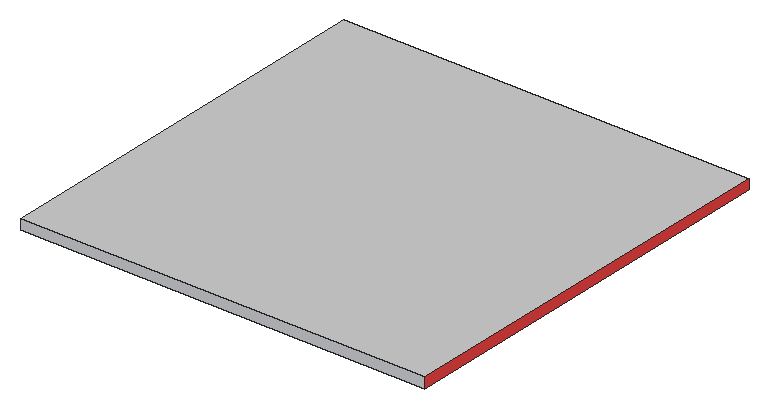
Revit family "GRIFO BAÑO-DUCHA KILY sin accesorios de ducha", category Aparatos sanitarios, Revit 2015
Parameters (values of type "4951500")
  URL = "http://www.griferiasgalindo.com/bano-ducha/kily/grifo-bano-ducha-kily?c=es"
  Teléfono = "(+34) 915 782 575"
  TIPO DE AGUA = ""
  REFERENCIA = "4951500"
  Presión Máxima = ""
  PESO BRUTO = ""
  Modelo = "KILY"
  Material = LATON CROMADO
  Imagen de tipo = <Ninguno>
  Fabricante = "PRESTO IBÉRICA"
  Default Elevation = 1219.2 mm
  ENTRADA = "Hembra 3/4\" a 1/2'' con excéntrica"
  Descripción = "Grifo monomando de baño ducha Kily. Colección de líneas refinadas y elegantes que se adaptan a todo tipo de ambientes. Su original maneta de forma ondulada destaca en inclinación del escultural diseño del cuerpo del grifo. Una grifería que decora el espacio de baño con personalidad siendo piezas prácticas y ergonómicas muy confortables con el toque de distinción perfecto."
  Código de montaje = "C1030220"
  Contacto = "info@prestoiberica.com"
  Conexión AF = yes
  Conexión AC = yes
  Comentarios de tipo = "◦Grifo monomando baño ducha\r\n◦Acabado Cromo\r\n◦Aireador oculto\r\n◦Sin accesorios de ducha\r\n◦Cartucho con discos cerámicos de diámetro 35 mm\r\n◦Entrada Hembra 3/4\" a 1/2'' con excéntrica y embellecedor."
  CIERRE = ""
  CAUDAL = "13,2 l/min de 3 bar"
  Accionamiento = "Por maneta"
Reference planes
  plane 1 "Centro (Frontal/Posterior)": y = 0
  plane 2: z = 0
  plane 3 "Centro (Izquierda/Derecha)": x = 0
Forms (mm)
  Extrusion 1, solid
    sketch origin (0, 0, 0) x (1, 0, 0) y (0, 1, 0)
      loop
        line (-100, 100) -> (-100, -100) -> (100, -100) -> (100, 100) -> (-100, 100)
    from 0 to -5
Dimensions and locks
  Extrusion 1 sketch curve to plane 1 "Centro (Frontal/Posterior)" = 100 mm
  aligned and locked: plane 2 to Extrusion 1
  aligned and locked: level to Extrusion 1
Connectors
  piping at (-75.485, 13.257, -16.9), diameter 12.7
    settings: on import instance, index 1, connector inside diameter 609.6 mm, connector length 0 mm, flow factor 0, pipe flow 0.0 L/s, pressure drop 0.0 Pa, fitting loss kfactor 0, connector angle 0.00°, fixture units 0, engagement length 0 mm, angle of deflection 0.00°, flow configuration 0, flow direction 1, fitting loss method 0, system type 19, joint type 0, gender type 0, connector reference index -1, connector utility 0, adjustable connector no, is connector primary yes, connector description ""
  piping at (74.515, 13.257, -16.9), diameter 12.7
    settings: on import instance, index 2, connector inside diameter 609.6 mm, connector length 0 mm, flow factor 0, pipe flow 0.0 L/s, pressure drop 0.0 Pa, fitting loss kfactor 0, connector angle 0.00°, fixture units 0, engagement length 0 mm, angle of deflection 0.00°, flow configuration 0, flow direction 1, fitting loss method 0, system type 20, joint type 0, gender type 0, connector reference index -1, connector utility 0, adjustable connector no, is connector primary no, connector description ""
